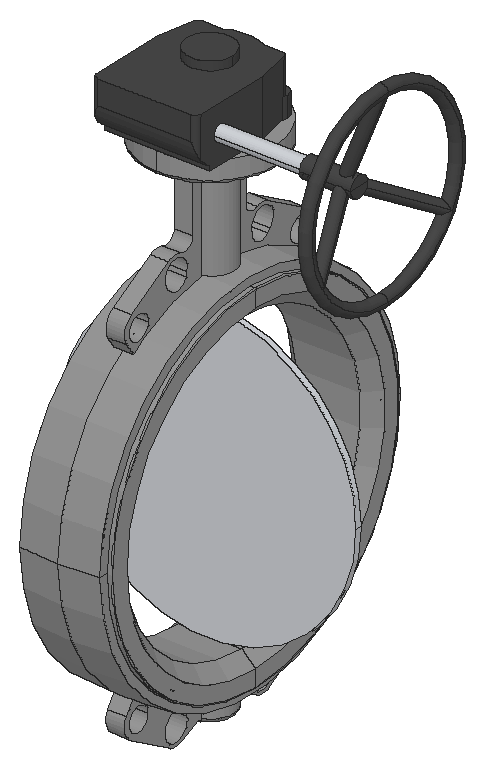
Revit family "Absperr- und Regulierklappe mit Getriebe ZF-4219", category Rohrzubehör, Revit 2019
Family settings
  Bemaßung runder Anschluss = Durchmesser verwenden
  Teiletyp = Unterbricht
  Arbeitsebenenbasiert = Nein
  Immer vertikal = Ja
  Beim Laden mit Abzugskörper schneiden = Nein
  Gemeinsam genutzt = Nein
Parameters
  URL = "www.herz-armaturen.at"
  Spindel = "Edelstahl ASTM-A276 / Type 316"  # constant formula
  Schrauben PN16 [instance] = if(Nennweite = 50 mm, "4x M16x100", if(Nennweite = 65 mm, "4x M16x100", if(Nennweite = 80 mm, "8x M16x100", if(Nennweite = 100 mm, "8x M16x110", if(Nennweite = 125 mm, "8x M16x120", if(Nennweite = 150 mm, "8x M20x120", if(Nennweite = 200 mm, "12x M20x130", if(Nennweite = 250 mm, "12x M24x140", "12x M24x160"))))))))  # "12x M24x160"
  Schrauben PN 6 [instance] = if(Nennweite = 50 mm, "4x M12x100", if(Nennweite = 65 mm, "4x M12x100", if(Nennweite = 80 mm, "4x M16x100", if(Nennweite = 100 mm, "4x M16x100", if(Nennweite = 125 mm, "8x M16x110", if(Nennweite = 150 mm, "8x M16x110", if(Nennweite = 200 mm, "--", if(Nennweite = 250 mm, "12x M16x130", "12xM16x140"))))))))  # "12xM16x140"
  Schrauben PN10 [instance] = if(Nennweite = 50 mm, "4x M16x100", if(Nennweite = 65 mm, "4x M16x100", if(Nennweite = 80 mm, "4x M16x100", if(Nennweite = 100 mm, "4x M16x110", if(Nennweite = 125 mm, "8x M16x120", if(Nennweite = 150 mm, "8x M20x120", if(Nennweite = 200 mm, "8x M20x130", if(Nennweite = 250 mm, "12x M20x130", "12x M20x150"))))))))  # "12x M20x150"
  SCTWSEQ = "FW;SBT_TYP_FW=\"101\";2"
  SCTWCODE = "04;07;02"  # constant formula
  SCRNSEQ = "ARM;ARM_TYP=\"ALLF\";2"
  SCRNCODE = "05;13;02"  # constant formula
  R_Dichtung = 1.5 mm  # constant formula
  PN16 [instance] = or(Nennweite = 50 mm, Nennweite = 65 mm, Nennweite = 80 mm, Nennweite = 100 mm, Nennweite = 125 mm, Nennweite = 150 mm, Nennweite = 200 mm, Nennweite = 250 mm, Nennweite = 300 mm)  # yes
  PN10 [instance] = or(Nennweite = 50 mm, Nennweite = 65 mm, Nennweite = 80 mm, Nennweite = 100 mm, Nennweite = 125 mm, Nennweite = 150 mm, Nennweite = 200 mm, Nennweite = 250 mm, Nennweite = 300 mm)  # yes
  PN 6 [instance] = or(Nennweite = 50 mm, Nennweite = 65 mm, Nennweite = 80 mm, Nennweite = 100 mm, Nennweite = 125 mm, Nennweite = 150 mm, Nennweite = 250 mm, Nennweite = 300 mm)  # yes
  PN [instance] = 16  # constant formula
  O-Ring = "EPDM entsprechend ISO 1691"  # constant formula
  Nennweite [instance] = 300 mm
  Min. Betriebstemperatur = "-20.00 °C bei entsprechender Wasser-Glycolmischung"  # constant formula
  Medium = "Ethylen- und Propyleneglykol kann in einem Mischungsverhältnis zwischen 25 - 50 vol. [%] verwendet werden."
  Max. Betriebstemperatur = 110 °C  # constant formula
  LO1 [instance] = R05 + 10 mm  # 193 mm
  L16 [instance] = L01 - L13  # 299 mm
  L15 [instance] = L01 + L12  # 328 mm
  L14 [instance] = size_lookup("4219_ZF_G", "L_14", 44.4 mm, Nennweite)  # 89.4 mm
  L13 [instance] = size_lookup("4219_ZF_G", "L_13", 15 mm, Nennweite)  # 9 mm
  L12 [instance] = size_lookup("4219_ZF_G", "L_12", 15 mm, Nennweite)  # 20 mm
  L11 [instance] = size_lookup("4219_ZF_G", "L_11", 15 mm, Nennweite)  # 23 mm
  L10 [instance] = size_lookup("4219_ZF_G", "L_10", 16 mm, Nennweite)  # 16 mm
  L09 [instance] = size_lookup("4219_ZF_G", "L9", 29 mm, Nennweite)  # 61 mm
  L08 [instance] = size_lookup("4219_ZF_G", "L8", 43 mm, Nennweite)  # 78 mm
  L07 [instance] = size_lookup("4219_ZF_G", "L7", 3.5 mm, Nennweite)  # 4.5 mm
  L06 [instance] = size_lookup("4219_ZF_G", "L6", 18 mm, Nennweite)  # 44 mm
  L05 [instance] = size_lookup("4219_ZF_G", "L5", 35 mm, Nennweite)  # 67 mm
  L04 [instance] = size_lookup("4219_ZF_G", "L4", 35 mm, Nennweite)  # 17.5 mm
  L03 [instance] = size_lookup("4219_ZF_G", "L3", 35 mm, Nennweite)  # 207.5 mm
  L02 [instance] = size_lookup("4219_ZF_G", "L2", 35 mm, Nennweite)  # 122 mm
  L01 [instance] = size_lookup("4219_ZF_G", "L1", 35 mm, Nennweite)  # 308 mm
  Klappenscheibe = "Edelstahl 1.4408"  # constant formula
  Hersteller = "HERZ Armaturen Ges.m.b.H."  # constant formula
  Hebel DN 50-DN150 = "Stahl, ST14.03"  # constant formula
  Hebel DN200-300 = "Stahl, S235 DIN2458/1626"  # constant formula
  H [instance] = size_lookup("4219_ZF_G", "H1", 9 mm, Nennweite)  # 22 mm
  Gewicht in kg [instance] = size_lookup("4219_ZF_G", "M", 37.6, Nennweite)  # 37.6
  Gewicht [instance] = 0.00 kg
  Gehäuseauskleidung = "EPDM entsprechend ISO 1691"  # constant formula
  Gehäuse = "GG, GJL-250/JL1040, entsprechend EN1561"  # constant formula
  Einbaudatum [instance] = ""
  Drehmoment in Nm [instance] = size_lookup("4219_ZF_G", "NM", 350, Nennweite)  # 350
  DN300 [instance] = Nennweite = 300 mm  # yes
  DN250 [instance] = Nennweite = 250 mm  # no
  DN200 [instance] = Nennweite = 200 mm  # no
  DN150 [instance] = Nennweite = 150 mm  # no
  DN125 [instance] = Nennweite = 125 mm  # no
  DN100 [instance] = Nennweite = 100 mm  # no
  DN 80 [instance] = Nennweite = 80 mm  # no
  DN 65 [instance] = Nennweite = 65 mm  # no
  DN 50 [instance] = Nennweite = 50 mm  # no
  Chargennummer [instance] = ""
  BD [instance] = size_lookup("4219_ZF_G", "DB", 24 mm, Nennweite)  # 290 mm
  D09 [instance] = size_lookup("4219_ZF_G", "D9", 24 mm, Nennweite)  # 145 mm
  D08 [instance] = size_lookup("4219_ZF_G", "D8", 47 mm, Nennweite)  # 18 mm
  D07 [instance] = size_lookup("4219_ZF_G", "D7", 47 mm, Nennweite)  # 37.5 mm
  D06 [instance] = size_lookup("4219_ZF_G", "D6", 47 mm, Nennweite)  # 65 mm
  R05 [instance] = size_lookup("4219_ZF_G", "D5", 47 mm, Nennweite)  # 183 mm
  D05 [instance] = R05 * 2  # 366 mm
  D04 [instance] = size_lookup("4219_ZF_G", "D4", 41 mm, Nennweite)  # 175 mm
  D03 [instance] = size_lookup("4219_ZF_G", "D3", 35.5 mm, Nennweite)  # 167.5 mm
  R01 [instance] = size_lookup("4219_ZF_G", "D1", 28 mm, Nennweite)  # 154.5 mm
  R02 [instance] = size_lookup("4219_ZF_G", "D2", 30 mm, Nennweite)  # 156.5 mm
  Bestellnummer [instance] = size_lookup("4219_ZF_G", "Artnr", 1421901, Nennweite)  # 1421969
  Anwendungsgebiet = "Geeignet für Flüssigkeiten in der Haustechnik, Kaltwasser, Heißwasser, etc."
  Anschlussflansch = "entsprechend EN1092-2"  # constant formula
Reference planes
  plane 1 "Mitte (Vorne/hinten)": y = 0
  plane 2: z = 0
  plane 3 "Mitte (Links/rechts)": x = 0
Forms (mm)
  Revolve 1, solid, material "Herz-Metall-blau", detail levels fine
    sketch origin (0, 0, 0) x (1, 0, 0) y (0, 1, 0)
      loop
        line (0, 185.241) -> (-39, 183) -> (-39, 175) -> (-30.5, 175) -> (-30.5, 167.5) -> (-32, 167.5)
        arc (-32, 167.5) -> (-33.061, 167.061) -> (-33.5, 166) r 1.5
        line (-33.5, 166) -> (-33.5, 156.824)
        arc (-33.5, 156.824) -> (-33.229, 155.964) -> (-32.513, 155.415) r 1.5
        line (-32.513, 155.415) -> (-29, 154.5) -> (-22, 154.5) -> (-22, 156.5) -> (22, 156.5) -> (22, 154.5) -> (29, 154.5) -> (32.513, 155.415)
        arc (32.513, 155.415) -> (33.229, 155.964) -> (33.5, 156.824) r 1.5
        line (33.5, 156.824) -> (33.5, 166)
        arc (33.5, 166) -> (33.061, 167.061) -> (32, 167.5) r 1.5
        line (32, 167.5) -> (30.5, 167.5) -> (30.5, 175) -> (39, 175) -> (39, 183) -> (0, 185.241)
      axis (39, 0) -> (-39, 0)
    angle from 0 to 360
  Extrusion 2, solid, material "Herz-Metall-blau", visible <- "DN 50", detail levels fine
    sketch origin (0, 0, 0) x (0, 1, 0) y (0, 0, 1)
      loop
        line (20, 54.051) -> (20.008, 111.113) -> (16.897, 110.952)
        arc (16.897, 110.952) -> (15.55, 110.331) -> (15, 108.954) r 2
        line (15, 108.954) -> (15, 44.542)
        arc (15, 44.542) -> (31.465, 34.913) -> (42.748, 19.534) r 47
        arc (42.748, 19.534) -> (42.633, 20.873) -> (43.392, 21.983) r 2
        line (43.392, 21.983) -> (54.714, 30.209)
        arc (54.714, 30.209) -> (56.569, 56.569) -> (30.209, 54.714) r 17.5
        line (30.209, 54.714) -> (27.87, 51.494)
        arc (27.87, 51.494) -> (23.006, 49.914) -> (20, 54.051) r 4.35
      loop
        arc (32.065, 41.998) -> (33.588, 33.588) -> (41.998, 32.065) r 7.5
        line (41.998, 32.065) -> (48.502, 35.17)
        arc (48.502, 35.17) -> (51.265, 51.265) -> (35.17, 48.502) r 10
        line (35.17, 48.502) -> (32.065, 41.998)
      loop
        arc (-20, 54.051) -> (-23.006, 49.914) -> (-27.87, 51.494) r 4.35
        line (-27.87, 51.494) -> (-30.209, 54.714)
        arc (-30.209, 54.714) -> (-56.569, 56.569) -> (-54.714, 30.209) r 17.5
        line (-54.714, 30.209) -> (-43.392, 21.983)
        arc (-43.392, 21.983) -> (-42.633, 20.873) -> (-42.748, 19.534) r 2
        arc (-42.748, 19.534) -> (-31.465, 34.913) -> (-15, 44.542) r 47
        line (-15, 44.542) -> (-15, 108.954)
        arc (-15, 108.954) -> (-15.55, 110.331) -> (-16.897, 110.952) r 2
        line (-16.897, 110.952) -> (-20.008, 111.113) -> (-20, 54.051)
      loop
        line (-32.065, 41.998) -> (-35.17, 48.502)
        arc (-35.17, 48.502) -> (-51.265, 51.265) -> (-48.502, 35.17) r 10
        line (-48.502, 35.17) -> (-41.998, 32.065)
        arc (-41.998, 32.065) -> (-33.588, 33.588) -> (-32.065, 41.998) r 7.5
      loop
        line (32.065, -41.998) -> (35.17, -48.502)
        arc (35.17, -48.502) -> (51.265, -51.265) -> (48.502, -35.17) r 10
        line (48.502, -35.17) -> (41.998, -32.065)
        arc (41.998, -32.065) -> (33.588, -33.588) -> (32.065, -41.998) r 7.5
      loop
        line (54.714, -30.209) -> (43.392, -21.983)
        arc (43.392, -21.983) -> (42.633, -20.873) -> (42.748, -19.534) r 2
        arc (42.748, -19.534) -> (33.234, -33.234) -> (19.534, -42.748) r 47
        arc (19.534, -42.748) -> (20.873, -42.633) -> (21.983, -43.392) r 2
        line (21.983, -43.392) -> (30.209, -54.714)
        arc (30.209, -54.714) -> (56.569, -56.569) -> (54.714, -30.209) r 17.5
      loop
        arc (-32.065, -41.998) -> (-33.588, -33.588) -> (-41.998, -32.065) r 7.5
        line (-41.998, -32.065) -> (-48.502, -35.17)
        arc (-48.502, -35.17) -> (-51.265, -51.265) -> (-35.17, -48.502) r 10
        line (-35.17, -48.502) -> (-32.065, -41.998)
      loop
        arc (-54.714, -30.209) -> (-56.569, -56.569) -> (-30.209, -54.714) r 17.5
        line (-30.209, -54.714) -> (-21.983, -43.392)
        arc (-21.983, -43.392) -> (-20.873, -42.633) -> (-19.534, -42.748) r 2
        arc (-19.534, -42.748) -> (-33.234, -33.234) -> (-42.748, -19.534) r 47
        arc (-42.748, -19.534) -> (-42.633, -20.873) -> (-43.392, -21.983) r 2
        line (-43.392, -21.983) -> (-54.714, -30.209)
    from -4.5 to 4.5
  Extrusion 3, solid, material "Herz-Metall-blau", visible <- "DN 65", detail levels fine
    sketch origin (0, 0, 0) x (0, 1, 0) y (0, 0, 1)
      loop
        arc (51.659, 21.619) -> (51.541, 22.778) -> (52.089, 23.805) r 2
        line (52.089, 23.805) -> (65.407, 37.123)
        arc (65.407, 37.123) -> (65.407, 65.407) -> (37.123, 65.407) r 20
        line (37.123, 65.407) -> (29.414, 57.699)
        arc (29.414, 57.699) -> (27.235, 57.265) -> (26, 59.113) r 2
        line (26, 59.113) -> (26, 136.154) -> (19.897, 135.838)
        arc (19.897, 135.838) -> (18.55, 135.218) -> (18, 133.841) r 2
        line (18, 133.841) -> (18, 53.028)
        arc (18, 53.028) -> (38.206, 40.942) -> (51.659, 21.619) r 56
      loop
        arc (55.637, 42.831) -> (57.983, 57.983) -> (42.831, 55.637) r 9.5
        line (42.831, 55.637) -> (39.647, 48.983)
        arc (39.647, 48.983) -> (41.012, 41.012) -> (48.983, 39.647) r 7
        line (48.983, 39.647) -> (55.637, 42.831)
      loop
        arc (51.659, -21.619) -> (39.598, -39.598) -> (21.619, -51.659) r 56
        arc (21.619, -51.659) -> (22.778, -51.541) -> (23.805, -52.089) r 2
        line (23.805, -52.089) -> (37.123, -65.407)
        arc (37.123, -65.407) -> (65.407, -65.407) -> (65.407, -37.123) r 20
        line (65.407, -37.123) -> (52.089, -23.805)
        arc (52.089, -23.805) -> (51.541, -22.778) -> (51.659, -21.619) r 2
      loop
        line (55.637, -42.831) -> (48.983, -39.647)
        arc (48.983, -39.647) -> (41.012, -41.012) -> (39.647, -48.983) r 7
        line (39.647, -48.983) -> (42.831, -55.637)
        arc (42.831, -55.637) -> (57.983, -57.983) -> (55.637, -42.831) r 9.5
      loop
        arc (-51.659, -21.619) -> (-51.541, -22.778) -> (-52.089, -23.805) r 2
        line (-52.089, -23.805) -> (-65.407, -37.123)
        arc (-65.407, -37.123) -> (-65.407, -65.407) -> (-37.123, -65.407) r 20
        line (-37.123, -65.407) -> (-23.805, -52.089)
        arc (-23.805, -52.089) -> (-22.778, -51.541) -> (-21.619, -51.659) r 2
        arc (-21.619, -51.659) -> (-39.598, -39.598) -> (-51.659, -21.619) r 56
      loop
        arc (-55.637, -42.831) -> (-57.983, -57.983) -> (-42.831, -55.637) r 9.5
        line (-42.831, -55.637) -> (-39.647, -48.983)
        arc (-39.647, -48.983) -> (-41.012, -41.012) -> (-48.983, -39.647) r 7
        line (-48.983, -39.647) -> (-55.637, -42.831)
      loop
        arc (-51.659, 21.619) -> (-38.206, 40.942) -> (-18, 53.028) r 56
        line (-18, 53.028) -> (-18, 133.838)
        arc (-18, 133.838) -> (-18.55, 135.215) -> (-19.897, 135.835) r 2
        line (-19.897, 135.835) -> (-26, 136.151) -> (-26, 59.113)
        arc (-26, 59.113) -> (-27.235, 57.265) -> (-29.414, 57.699) r 2
        line (-29.414, 57.699) -> (-37.123, 65.407)
        arc (-37.123, 65.407) -> (-65.407, 65.407) -> (-65.407, 37.123) r 20
        line (-65.407, 37.123) -> (-52.089, 23.805)
        arc (-52.089, 23.805) -> (-51.541, 22.778) -> (-51.659, 21.619) r 2
      loop
        line (-55.637, 42.831) -> (-48.983, 39.647)
        arc (-48.983, 39.647) -> (-41.012, 41.012) -> (-39.647, 48.983) r 7
        line (-39.647, 48.983) -> (-42.831, 55.637)
        arc (-42.831, 55.637) -> (-57.983, 57.983) -> (-55.637, 42.831) r 9.5
    from -4.5 to 4.5
  Extrusion 4, solid, material "Herz-Metall-blau", visible <- "DN 80", detail levels fine
    sketch origin (0, 0, 0) x (0, 1, 0) y (0, 0, 1)
      loop
        line (26, 143.161) -> (20.397, 142.871)
        arc (20.397, 142.871) -> (19.05, 142.251) -> (18.5, 140.874) r 2
        line (18.5, 140.874) -> (18.5, 62.833)
        arc (18.5, 62.833) -> (41.296, 50.842) -> (57.706, 30.989) r 65.5
        arc (57.706, 30.989) -> (57.482, 32.176) -> (57.983, 33.275) r 2
        line (57.983, 33.275) -> (67.23, 43.52)
        arc (67.23, 43.52) -> (70.328, 54.798) -> (65.407, 65.407) r 17
        line (65.407, 65.407) -> (42.005, 86.53)
        arc (42.005, 86.53) -> (37.832, 89.302) -> (33.031, 90.738) r 17
        arc (33.031, 90.738) -> (27.974, 93.895) -> (26, 99.52) r 9
        line (26, 99.52) -> (26, 143.161)
      loop
        circle (30.615, 73.91) r 9.5
      loop
        circle (53.387, 53.387) r 9.5
      loop
        arc (57.706, -30.989) -> (41.296, -50.842) -> (18.5, -62.833) r 65.5
        line (18.5, -62.833) -> (18.5, -85.837)
        arc (18.5, -85.837) -> (30.113, -90.903) -> (42.005, -86.53) r 17
        line (42.005, -86.53) -> (65.407, -65.407)
        arc (65.407, -65.407) -> (70.328, -54.798) -> (67.23, -43.52) r 17
        line (67.23, -43.52) -> (57.983, -33.275)
        arc (57.983, -33.275) -> (57.482, -32.176) -> (57.706, -30.989) r 2
      loop
        circle (30.615, -73.91) r 9.5
      loop
        circle (53.387, -53.387) r 9.5
      loop
        arc (-57.706, -30.989) -> (-57.482, -32.176) -> (-57.983, -33.275) r 2
        line (-57.983, -33.275) -> (-67.23, -43.52)
        arc (-67.23, -43.52) -> (-70.328, -54.798) -> (-65.407, -65.407) r 17
        line (-65.407, -65.407) -> (-42.005, -86.53)
        arc (-42.005, -86.53) -> (-30.113, -90.903) -> (-18.5, -85.837) r 17
        line (-18.5, -85.837) -> (-18.5, -62.833)
        arc (-18.5, -62.833) -> (-41.296, -50.842) -> (-57.706, -30.989) r 65.5
      loop
        circle (-30.615, -73.91) r 9.5
      loop
        circle (-53.387, -53.387) r 9.5
      loop
        line (-26, 143.179) -> (-26, 99.52)
        arc (-26, 99.52) -> (-27.974, 93.895) -> (-33.031, 90.738) r 9
        arc (-33.031, 90.738) -> (-37.832, 89.302) -> (-42.005, 86.53) r 17
        line (-42.005, 86.53) -> (-65.407, 65.407)
        arc (-65.407, 65.407) -> (-70.328, 54.798) -> (-67.23, 43.52) r 17
        line (-67.23, 43.52) -> (-57.983, 33.275)
        arc (-57.983, 33.275) -> (-57.482, 32.176) -> (-57.706, 30.989) r 2
        arc (-57.706, 30.989) -> (-41.296, 50.842) -> (-18.5, 62.833) r 65.5
        line (-18.5, 62.833) -> (-18.5, 140.891)
        arc (-18.5, 140.891) -> (-19.05, 142.268) -> (-20.397, 142.888) r 2
        line (-20.397, 142.888) -> (-26, 143.179)
      loop
        circle (-30.615, 73.91) r 9.5
      loop
        circle (-53.387, 53.387) r 9.5
    from -4.5 to 4.5
  Extrusion 5, solid, material "Herz-Metall-blau", visible <- "DN100", detail levels fine
    sketch origin (0, 0, 0) x (0, 1, 0) y (0, 0, 1)
      loop
        line (64.131, 38.887) -> (73.681, 49.873)
        arc (73.681, 49.873) -> (77.063, 61.29) -> (72.125, 72.125) r 17
        line (72.125, 72.125) -> (45.809, 95.79)
        arc (45.809, 95.79) -> (41.366, 98.675) -> (36.25, 100.053) r 17
        arc (36.25, 100.053) -> (28.882, 104.596) -> (26, 112.759) r 13
        line (26, 112.759) -> (26, 166.173) -> (20.397, 165.883)
        arc (20.397, 165.883) -> (19.05, 165.263) -> (18.5, 163.886) r 2
        line (18.5, 163.886) -> (18.5, 72.683)
        arc (18.5, 72.683) -> (44.637, 60.27) -> (64.131, 38.887) r 75
      loop
        circle (60.104, 60.104) r 9.5
      loop
        circle (34.442, 83.149) r 9.5
      loop
        arc (64.131, -38.887) -> (44.637, -60.27) -> (18.5, -72.683) r 75
        line (18.5, -72.683) -> (18.5, -95.329)
        arc (18.5, -95.329) -> (21.473, -95.603) -> (24.233, -96.743) r 10
        arc (24.233, -96.743) -> (35.191, -100.133) -> (45.809, -95.79) r 17
        line (45.809, -95.79) -> (72.125, -72.125)
        arc (72.125, -72.125) -> (77.063, -61.29) -> (73.681, -49.873) r 17
        line (73.681, -49.873) -> (64.131, -38.887)
      loop
        circle (60.104, -60.104) r 9.5
      loop
        circle (34.442, -83.149) r 9.5
      loop
        line (-64.131, -38.887) -> (-73.681, -49.873)
        arc (-73.681, -49.873) -> (-77.063, -61.29) -> (-72.125, -72.125) r 17
        line (-72.125, -72.125) -> (-45.809, -95.79)
        arc (-45.809, -95.79) -> (-35.191, -100.133) -> (-24.233, -96.743) r 17
        arc (-24.233, -96.743) -> (-21.473, -95.603) -> (-18.5, -95.329) r 10
        line (-18.5, -95.329) -> (-18.5, -72.683)
        arc (-18.5, -72.683) -> (-44.637, -60.27) -> (-64.131, -38.887) r 75
      loop
        circle (-60.104, -60.104) r 9.5
      loop
        circle (-34.442, -83.149) r 9.5
      loop
        arc (-64.131, 38.887) -> (-44.637, 60.27) -> (-18.5, 72.683) r 75
        line (-18.5, 72.683) -> (-18.5, 163.876)
        arc (-18.5, 163.876) -> (-19.05, 165.253) -> (-20.397, 165.873) r 2
        line (-20.397, 165.873) -> (-26, 166.164) -> (-26, 112.759)
        arc (-26, 112.759) -> (-28.882, 104.596) -> (-36.25, 100.053) r 13
        arc (-36.25, 100.053) -> (-41.366, 98.675) -> (-45.809, 95.79) r 17
        line (-45.809, 95.79) -> (-72.125, 72.125)
        arc (-72.125, 72.125) -> (-77.063, 61.29) -> (-73.681, 49.873) r 17
        line (-73.681, 49.873) -> (-64.131, 38.887)
      loop
        circle (-60.104, 60.104) r 9.5
      loop
        circle (-34.442, 83.149) r 9.5
    from -4.5 to 4.5
  Extrusion 6, solid, material "Herz-Metall-blau", visible <- "DN125", detail levels fine
    sketch origin (0, 0, 0) x (0, 1, 0) y (0, 0, 1)
      loop
        arc (75.229, 48.945) -> (74.917, 50.244) -> (75.492, 51.45) r 2
        line (75.492, 51.45) -> (82.731, 58.69)
        arc (82.731, 58.69) -> (87.711, 70.711) -> (82.731, 82.731) r 17
        line (82.731, 82.731) -> (51.291, 109.875)
        arc (51.291, 109.875) -> (46.108, 112.941) -> (40.182, 114.007) r 17
        line (40.182, 114.007) -> (38, 114.007)
        arc (38, 114.007) -> (29.515, 117.522) -> (26, 126.007) r 12
        line (26, 126.007) -> (26, 185.157) -> (20.397, 184.867)
        arc (20.397, 184.867) -> (19.05, 184.246) -> (18.5, 182.869) r 2
        line (18.5, 182.869) -> (18.5, 87.823)
        arc (18.5, 87.823) -> (50.736, 74.033) -> (75.229, 48.945) r 89.75
      loop
        circle (40.182, 97.007) r 9.5
      loop
        circle (70.711, 70.711) r 9.5
      loop
        arc (75.229, -48.945) -> (50.736, -74.033) -> (18.5, -87.823) r 89.75
        line (18.5, -87.823) -> (18.5, -108.431)
        arc (18.5, -108.431) -> (24.248, -107.655) -> (29.46, -110.2) r 10
        arc (29.46, -110.2) -> (40.434, -114.005) -> (51.291, -109.875) r 17
        line (51.291, -109.875) -> (82.731, -82.731)
        arc (82.731, -82.731) -> (87.711, -70.711) -> (82.731, -58.69) r 17
        line (82.731, -58.69) -> (75.492, -51.45)
        arc (75.492, -51.45) -> (74.917, -50.244) -> (75.229, -48.945) r 2
      loop
        circle (40.182, -97.007) r 9.5
      loop
        circle (70.711, -70.711) r 9.5
      loop
        arc (-75.229, -48.945) -> (-74.917, -50.244) -> (-75.492, -51.45) r 2
        line (-75.492, -51.45) -> (-82.731, -58.69)
        arc (-82.731, -58.69) -> (-87.711, -70.711) -> (-82.731, -82.731) r 17
        line (-82.731, -82.731) -> (-51.291, -109.875)
        arc (-51.291, -109.875) -> (-40.434, -114.005) -> (-29.46, -110.2) r 17
        arc (-29.46, -110.2) -> (-24.248, -107.655) -> (-18.5, -108.431) r 10
        line (-18.5, -108.431) -> (-18.5, -87.823)
        arc (-18.5, -87.823) -> (-50.736, -74.033) -> (-75.229, -48.945) r 89.75
      loop
        circle (-40.182, -97.007) r 9.5
      loop
        circle (-70.711, -70.711) r 9.5
      loop
        arc (-75.229, 48.945) -> (-50.736, 74.033) -> (-18.5, 87.823) r 89.75
        line (-18.5, 87.823) -> (-18.5, 182.852)
        arc (-18.5, 182.852) -> (-19.05, 184.23) -> (-20.397, 184.85) r 2
        line (-20.397, 184.85) -> (-26, 185.14) -> (-26, 126.007)
        arc (-26, 126.007) -> (-29.515, 117.522) -> (-38, 114.007) r 12
        line (-38, 114.007) -> (-40.182, 114.007)
        arc (-40.182, 114.007) -> (-46.108, 112.941) -> (-51.291, 109.875) r 17
        line (-51.291, 109.875) -> (-82.731, 82.731)
        arc (-82.731, 82.731) -> (-87.711, 70.711) -> (-82.731, 58.69) r 17
        line (-82.731, 58.69) -> (-75.492, 51.45)
        arc (-75.492, 51.45) -> (-74.917, 50.244) -> (-75.229, 48.945) r 2
      loop
        circle (-40.182, 97.007) r 9.5
      loop
        circle (-70.711, 70.711) r 9.5
    from -6 to 6
  Extrusion 7, solid, material "Herz-Metall-blau", visible <- "DN150", detail levels fine
    sketch origin (0, 0, 0) x (0, 1, 0) y (0, 0, 1)
      loop
        line (83.495, 59.454) -> (91.57, 67.529)
        arc (91.57, 67.529) -> (96.55, 79.55) -> (91.57, 91.57) r 17
        line (91.57, 91.57) -> (57.511, 123.304)
        arc (57.511, 123.304) -> (45.758, 127.865) -> (34.095, 123.077) r 17
        arc (34.095, 123.077) -> (28.976, 122.416) -> (26, 126.633) r 5
        line (26, 126.633) -> (26, 198.177) -> (20.397, 197.887)
        arc (20.397, 197.887) -> (19.05, 197.267) -> (18.5, 195.889) r 2
        line (18.5, 195.889) -> (18.5, 100.817)
        arc (18.5, 100.817) -> (55.032, 86.474) -> (83.495, 59.454) r 102.5
      loop
        circle (45.922, 110.866) r 11.5
      loop
        circle (79.55, 79.55) r 9.5
      loop
        circle (45.922, -110.866) r 11.5
      loop
        circle (79.55, -79.55) r 9.5
      loop
        line (91.57, -67.529) -> (83.495, -59.454)
        arc (83.495, -59.454) -> (55.032, -86.474) -> (18.5, -100.817) r 102.5
        line (18.5, -100.817) -> (18.5, -123.208)
        arc (18.5, -123.208) -> (19.363, -121.755) -> (21.03, -121.482) r 2
        line (21.03, -121.482) -> (42.642, -127.546)
        arc (42.642, -127.546) -> (50.587, -127.213) -> (57.511, -123.304) r 17
        line (57.511, -123.304) -> (91.57, -91.57)
        arc (91.57, -91.57) -> (96.55, -79.55) -> (91.57, -67.529) r 17
      loop
        arc (-83.495, 59.454) -> (-55.032, 86.474) -> (-18.5, 100.817) r 102.5
        line (-18.5, 100.817) -> (-18.5, 195.875)
        arc (-18.5, 195.875) -> (-19.05, 197.252) -> (-20.397, 197.872) r 2
        line (-20.397, 197.872) -> (-26, 198.163) -> (-26, 126.633)
        arc (-26, 126.633) -> (-28.976, 122.416) -> (-34.095, 123.077) r 5
        arc (-34.095, 123.077) -> (-45.758, 127.865) -> (-57.511, 123.304) r 17
        line (-57.511, 123.304) -> (-91.57, 91.57)
        arc (-91.57, 91.57) -> (-96.55, 79.55) -> (-91.57, 67.529) r 17
        line (-91.57, 67.529) -> (-83.495, 59.454)
      loop
        circle (-45.922, 110.866) r 11.5
      loop
        circle (-79.55, 79.55) r 9.5
      loop
        circle (-45.922, -110.866) r 11.5
      loop
        circle (-79.55, -79.55) r 9.5
      loop
        arc (-91.57, -67.529) -> (-96.55, -79.55) -> (-91.57, -91.57) r 17
        line (-91.57, -91.57) -> (-57.511, -123.304)
        arc (-57.511, -123.304) -> (-50.587, -127.213) -> (-42.642, -127.546) r 17
        line (-42.642, -127.546) -> (-21.03, -121.482)
        arc (-21.03, -121.482) -> (-19.363, -121.755) -> (-18.5, -123.208) r 2
        line (-18.5, -123.208) -> (-18.5, -100.817)
        arc (-18.5, -100.817) -> (-55.032, -86.474) -> (-83.495, -59.454) r 102.5
        line (-83.495, -59.454) -> (-91.57, -67.529)
    from -7 to 7
  Extrusion 8, solid, material "Herz-Metall-blau", visible <- "DN200", detail levels fine
    sketch origin (0, 0, 0) x (0, 1, 0) y (0, 0, 1)
      loop
        arc (42.048, 153.832) -> (26.654, 145.827) -> (35.349, 130.812) r 12
        line (35.349, 130.812) -> (53.31, 124.689)
        arc (53.31, 124.689) -> (67.804, 132.4) -> (61.038, 147.359) r 12
        line (61.038, 147.359) -> (42.048, 153.832)
      loop
        line (28, 226.273) -> (22.065, 226.047)
        arc (22.065, 226.047) -> (20.655, 225.469) -> (20, 224.092) r 2.114
        line (20, 224.092) -> (20, 129.471)
        arc (20, 129.471) -> (49.604, 121.273) -> (76.485, 106.406) r 130.989
        line (76.485, 106.406) -> (76.485, 136.265)
        arc (76.485, 136.265) -> (73.108, 147.391) -> (64.117, 154.764) r 20.019
        line (64.117, 154.764) -> (38.16, 163.592)
        arc (38.16, 163.592) -> (30.802, 169.06) -> (28, 177.79) r 15
        line (28, 177.79) -> (28, 226.273)
      loop
        line (42.048, -153.832) -> (61.038, -147.359)
        arc (61.038, -147.359) -> (67.804, -132.4) -> (53.31, -124.689) r 12
        line (53.31, -124.689) -> (35.349, -130.812)
        arc (35.349, -130.812) -> (26.654, -145.827) -> (42.048, -153.832) r 12
      loop
        arc (76.446, -106.382) -> (49.585, -121.253) -> (20, -129.464) r 131
        line (20, -129.464) -> (20, -141.835)
        arc (20, -141.835) -> (28.361, -158.099) -> (46.453, -160.765) r 20
        line (46.453, -160.765) -> (64.099, -154.75)
        arc (64.099, -154.75) -> (73.075, -147.384) -> (76.446, -136.272) r 20
        line (76.446, -136.272) -> (76.446, -106.382)
      loop
        arc (-42.048, -153.832) -> (-26.654, -145.827) -> (-35.349, -130.812) r 12
        line (-35.349, -130.812) -> (-53.31, -124.689)
        arc (-53.31, -124.689) -> (-67.804, -132.4) -> (-61.038, -147.359) r 12
        line (-61.038, -147.359) -> (-42.048, -153.832)
      loop
        line (-76.446, -106.382) -> (-76.446, -136.272)
        arc (-76.446, -136.272) -> (-73.075, -147.384) -> (-64.099, -154.75) r 20
        line (-64.099, -154.75) -> (-46.453, -160.765)
        arc (-46.453, -160.765) -> (-28.361, -158.099) -> (-20, -141.835) r 20
        line (-20, -141.835) -> (-20, -129.464)
        arc (-20, -129.464) -> (-49.585, -121.253) -> (-76.446, -106.382) r 131
      loop
        line (-42.048, 153.832) -> (-61.038, 147.359)
        arc (-61.038, 147.359) -> (-67.804, 132.4) -> (-53.31, 124.689) r 12
        line (-53.31, 124.689) -> (-35.349, 130.812)
        arc (-35.349, 130.812) -> (-26.654, 145.827) -> (-42.048, 153.832) r 12
      loop
        line (-28, 226.278) -> (-28, 177.79)
        arc (-28, 177.79) -> (-30.802, 169.06) -> (-38.16, 163.592) r 15
        line (-38.16, 163.592) -> (-64.117, 154.764)
        arc (-64.117, 154.764) -> (-73.108, 147.391) -> (-76.485, 136.265) r 20.019
        line (-76.485, 136.265) -> (-76.485, 106.406)
        arc (-76.485, 106.406) -> (-49.604, 121.273) -> (-20, 129.471) r 130.989
        line (-20, 129.471) -> (-20, 224.098)
        arc (-20, 224.098) -> (-20.655, 225.475) -> (-22.065, 226.053) r 2.114
        line (-22.065, 226.053) -> (-28, 226.278)
    from -7 to 7
  Extrusion 9, solid, material "Herz-Metall-blau", visible <- "DN250", detail levels fine
    sketch origin (0, 0, 0) x (0, 1, 0) y (0, 0, 1)
      loop
        arc (-95.9, 125.382) -> (-61.406, 145.382) -> (-23, 156.095) r 157.75
        line (-23, 156.095) -> (-23, 258.814)
        arc (-23, 258.814) -> (-23.588, 260.113) -> (-24.893, 260.69) r 2
        line (-24.893, 260.69) -> (-32, 261.058) -> (-32, 187.712)
        arc (-32, 187.712) -> (-33.507, 185.205) -> (-36.428, 185.359) r 2.84
        arc (-36.428, 185.359) -> (-43.951, 188.152) -> (-51.918, 187.184) r 17
        line (-51.918, 187.184) -> (-97.072, 155.872)
        arc (-97.072, 155.872) -> (-100.207, 149.167) -> (-100.195, 141.765) r 17
        line (-100.195, 141.765) -> (-95.9, 125.382)
      loop
        circle (-83.608, 145.492) r 9.5
      loop
        circle (-45.549, 171.269) r 14
      loop
        arc (96.192, -125.349) -> (61.575, -145.51) -> (23, -156.317) r 157.999
        line (23, -156.317) -> (23, -181.388) -> (27.217, -181.388)
        arc (27.217, -181.388) -> (30.142, -181.826) -> (32.812, -183.1) r 10
        line (32.812, -183.1) -> (36.428, -185.542)
        arc (36.428, -185.542) -> (44.468, -188.388) -> (52.878, -186.972) r 17
        line (52.878, -186.972) -> (97.463, -155.872)
        arc (97.463, -155.872) -> (100.598, -149.167) -> (100.586, -141.765) r 17
        line (100.586, -141.765) -> (96.192, -125.349)
      loop
        circle (84, -145.492) r 9.5
      loop
        circle (45.94, -171.452) r 14
      loop
        line (-96.192, -125.349) -> (-100.586, -141.765)
        arc (-100.586, -141.765) -> (-100.598, -149.167) -> (-97.463, -155.872) r 17
        line (-97.463, -155.872) -> (-52.878, -186.972)
        arc (-52.878, -186.972) -> (-44.468, -188.388) -> (-36.428, -185.542) r 17
        line (-36.428, -185.542) -> (-32.812, -183.1)
        arc (-32.812, -183.1) -> (-30.142, -181.826) -> (-27.217, -181.388) r 10
        line (-27.217, -181.388) -> (-23, -181.388) -> (-23, -156.317)
        arc (-23, -156.317) -> (-61.575, -145.51) -> (-96.192, -125.349) r 157.999
      loop
        circle (-84, -145.492) r 9.5
      loop
        circle (-45.94, -171.452) r 14
      loop
        line (95.9, 125.2) -> (100.195, 141.582)
        arc (100.195, 141.582) -> (100.207, 148.984) -> (97.072, 155.689) r 17
        line (97.072, 155.689) -> (51.919, 187.036)
        arc (51.919, 187.036) -> (43.952, 188.006) -> (36.428, 185.212) r 17
        arc (36.428, 185.212) -> (33.507, 185.058) -> (32, 187.566) r 2.84
        line (32, 187.566) -> (32, 261.045) -> (24.893, 260.677)
        arc (24.893, 260.677) -> (23.588, 260.1) -> (23, 258.801) r 2
        line (23, 258.801) -> (23, 155.948)
        arc (23, 155.948) -> (61.411, 145.223) -> (95.9, 125.2) r 157.605
      loop
        circle (83.608, 145.31) r 9.5
      loop
        circle (45.549, 171.122) r 14
    from -9 to 9
  Extrusion 10, solid, material "Herz-Metall-blau", visible <- "DN300", detail levels fine
    sketch origin (0, 0, 0) x (0, 1, 0) y (0, 0, 1)
      loop
        arc (62.57, 187.834) -> (56.268, 211.23) -> (39.112, 194.12) r 14
        line (39.112, 194.12) -> (40.223, 189.928)
        arc (40.223, 189.928) -> (48.374, 181.769) -> (59.504, 184.767) r 11.5
        line (59.504, 184.767) -> (62.57, 187.834)
      loop
        circle (98.337, 170.892) r 12
      loop
        arc (113.094, 162.454) -> (114.748, 175.326) -> (106.837, 185.615) r 17
        line (106.837, 185.615) -> (61.701, 211.919)
        arc (61.701, 211.919) -> (54.44, 214.463) -> (46.806, 213.516) r 16.852
        arc (46.806, 213.516) -> (36.904, 213.681) -> (32, 222.285) r 10
        line (32, 222.285) -> (32, 286.38) -> (24.895, 286.033)
        arc (24.895, 286.033) -> (23.576, 285.442) -> (23, 284.117) r 2
        line (23, 284.117) -> (23, 181.202)
        arc (23, 181.202) -> (65.613, 170.505) -> (104.437, 149.94) r 182.63
        line (104.437, 149.94) -> (113.094, 162.454)
      loop
        line (62.984, -188.142) -> (59.917, -185.075)
        arc (59.917, -185.075) -> (48.787, -182.077) -> (40.637, -190.235) r 11.5
        line (40.637, -190.235) -> (39.525, -194.427)
        arc (39.525, -194.427) -> (56.681, -211.538) -> (62.984, -188.142) r 14
      loop
        circle (98.75, -171.04) r 12
      loop
        line (113.508, -162.601) -> (104.75, -150.055)
        arc (104.75, -150.055) -> (65.787, -170.766) -> (23, -181.549) r 183
        line (23, -181.549) -> (23, -206.327)
        arc (23, -206.327) -> (24.157, -204.218) -> (26.558, -204.062) r 2.5
        line (26.558, -204.062) -> (45.918, -213.443)
        arc (45.918, -213.443) -> (53.906, -214.994) -> (61.701, -212.654) r 17
        line (61.701, -212.654) -> (107.25, -185.762)
        arc (107.25, -185.762) -> (115.162, -175.474) -> (113.508, -162.601) r 17
      loop
        arc (-62.984, -188.142) -> (-56.681, -211.538) -> (-39.525, -194.427) r 14
        line (-39.525, -194.427) -> (-40.637, -190.235)
        arc (-40.637, -190.235) -> (-48.787, -182.077) -> (-59.917, -185.075) r 11.5
        line (-59.917, -185.075) -> (-62.984, -188.142)
      loop
        circle (-98.75, -171.04) r 12
      loop
        arc (-113.508, -162.601) -> (-115.162, -175.474) -> (-107.25, -185.762) r 17
        line (-107.25, -185.762) -> (-61.701, -212.654)
        arc (-61.701, -212.654) -> (-53.906, -214.994) -> (-45.918, -213.443) r 17
        line (-45.918, -213.443) -> (-26.558, -204.062)
        arc (-26.558, -204.062) -> (-24.157, -204.218) -> (-23, -206.327) r 2.5
        line (-23, -206.327) -> (-23, -181.549)
        arc (-23, -181.549) -> (-65.787, -170.766) -> (-104.75, -150.055) r 183
        line (-104.75, -150.055) -> (-113.508, -162.601)
      loop
        line (-62.574, 188.142) -> (-59.508, 185.075)
        arc (-59.508, 185.075) -> (-48.378, 182.077) -> (-40.227, 190.235) r 11.5
        line (-40.227, 190.235) -> (-39.116, 194.427)
        arc (-39.116, 194.427) -> (-56.272, 211.538) -> (-62.574, 188.142) r 14
      loop
        circle (-98.34, 171.04) r 12
      loop
        line (-113.098, 162.601) -> (-104.44, 150.087)
        arc (-104.44, 150.087) -> (-65.611, 170.637) -> (-23, 181.326) r 182.753
        line (-23, 181.326) -> (-23, 284.115)
        arc (-23, 284.115) -> (-23.577, 285.441) -> (-24.896, 286.032) r 2
        line (-24.896, 286.032) -> (-32, 286.379) -> (-32, 222.593)
        arc (-32, 222.593) -> (-37.217, 213.811) -> (-47.425, 214.193) r 10
        arc (-47.425, 214.193) -> (-54.523, 214.911) -> (-61.291, 212.654) r 17
        line (-61.291, 212.654) -> (-106.84, 185.762)
        arc (-106.84, 185.762) -> (-114.752, 175.474) -> (-113.098, 162.601) r 17
    from -9 to 9
  Revolve 11, solid, material "Herz-Metall-blau"
    sketch origin (0, 0, 0) x (0, 1, 0) y (0, 0, 1)
      loop
        line (0, -183) -> (0, -207.5) -> (20, -207.5)
        arc (20, -207.5) -> (22.121, -206.621) -> (23, -204.5) r 3
        line (23, -204.5) -> (23, -181.549)
        arc (23, -181.549) -> (11.523, -182.637) -> (0, -183) r 183
      axis (0, -181.549) -> (0, -207.5)
    angle from 0 to 360
  Revolve 12, solid, material "Herz-Metall-blau"
    sketch origin (0, 0, 0) x (0, 1, 0) y (0, 0, 1)
      loop
        line (0, 299) -> (0, 183)
        arc (0, 183) -> (11.523, 182.637) -> (23, 181.549) r 183
        line (23, 181.549) -> (23, 284)
        arc (23, 284) -> (23.549, 285.377) -> (24.895, 285.998) r 2
        line (24.895, 285.998) -> (63.105, 288)
        arc (63.105, 288) -> (64.451, 288.621) -> (65, 289.997) r 2
        line (65, 289.997) -> (65, 308) -> (37.5, 308) -> (37.5, 299) -> (0, 299)
      axis (0, 308) -> (0, 181.549)
    angle from 0 to 360
  Revolve 13, solid, material "Gummi"
    sketch origin (0, 0, 0) x (1, 0, 0) y (0, 0, 1)
      loop
        arc (-43.208, 175) -> (-44.263, 174.563) -> (-44.7, 173.508) r 1.492
        line (-44.7, 173.508) -> (-44.7, 156.718) -> (-30.5, 145) -> (30.5, 145) -> (44.7, 157.945) -> (44.7, 174)
        arc (44.7, 174) -> (44.407, 174.707) -> (43.7, 175) r 1
        line (43.7, 175) -> (30.5, 175) -> (30.5, 167.5) -> (32, 167.5)
        arc (32, 167.5) -> (33.061, 167.061) -> (33.5, 166) r 1.5
        line (33.5, 166) -> (33.5, 156.988)
        arc (33.5, 156.988) -> (33.122, 155.993) -> (32.18, 155.499) r 1.5
        line (32.18, 155.499) -> (29, 154.5) -> (20.027, 154.5) -> (20.027, 156.5) -> (-23.973, 156.5) -> (-23.973, 154.5) -> (-29, 154.5) -> (-32.18, 155.499)
        arc (-32.18, 155.499) -> (-33.122, 155.993) -> (-33.5, 156.988) r 1.5
        line (-33.5, 156.988) -> (-33.5, 166)
        arc (-33.5, 166) -> (-33.061, 167.061) -> (-32, 167.5) r 1.5
        line (-32, 167.5) -> (-30.5, 167.5) -> (-30.5, 175) -> (-43.208, 175)
      axis (-44.7, 0) -> (44.7, 0)
    angle from 0 to 360
  Extrusion 14, solid, detail levels fine
    sketch origin (0, 0, 0) x (1, 0, 0) y (0, 0, 1)
      loop
        circle (0, 0) r 145
    from -3 to 3
  Extrusion 15, solid, detail levels fine
    sketch origin (0, 0, 0) x (1, 0, 0) y (0, 1, 0)
      loop
        line (0, 15.556) -> (-15.556, 0) -> (0, -15.556) -> (15.556, 0) -> (0, 15.556)
    from 299 <- "L16" to 328 <- "L15"
Lines and regions (mm)
  model lines, detail levels coarse+medium
    curve 1: line (-39, 183, 0) -> (39, 183, 0)
    curve 2: line (-39, -183, 0) -> (-39, 183, 0)
    curve 3: line (39, -183, 0) -> (-39, -183, 0)
    curve 4: line (39, 183, 0) -> (39, -183, 0)
    curve 5: line (-39, 183, 0) -> (39, -183, 0)
    curve 6: circle (0, 0, 0) r 5 normal (0, 0, 1)
    curve 7: line (-39, 0, 183) -> (39, 0, 183)
    curve 8: line (-39, 0, -183) -> (-39, 0, 183)
    curve 9: line (39, 0, -183) -> (-39, 0, -183)
    curve 10: line (39, 0, 183) -> (39, 0, -183)
    curve 11: line (-39, 0, 183) -> (39, 0, -183)
    curve 12: circle (0, 0, 0) r 7 normal (0, -1, 0)
Dimensions and locks
  "L08": Revolve 1 sketch curve to Revolve 1 sketch curve
  equal spacing: Revolve 1 sketch curve, plane 3 "Mitte (Links/rechts)", Revolve 1 sketch curve  (x4)
  "L07": Revolve 1 sketch curve to Revolve 1 sketch curve  (x2)
  "L06": Revolve 1 sketch curve to Revolve 1 sketch curve
  "L05": Revolve 1 sketch curve to Revolve 1 sketch curve
  "L09": Revolve 1 sketch curve to Revolve 1 sketch curve
  "R05": plane 1 "Mitte (Vorne/hinten)" to Revolve 1 sketch curve  (x2)
  "D04": plane 1 "Mitte (Vorne/hinten)" to Revolve 1 sketch curve  (x2)
  "D03": plane 1 "Mitte (Vorne/hinten)" to Revolve 1 sketch curve  (x2)
  "R01": plane 1 "Mitte (Vorne/hinten)" to Revolve 1 sketch curve  (x2)
  "R02": plane 1 "Mitte (Vorne/hinten)" to Revolve 1 sketch curve
  equal spacing: curve 2, plane 3 "Mitte (Links/rechts)", curve 4
  equal spacing: curve 3, plane 1 "Mitte (Vorne/hinten)", curve 1
  "L08": curve 2 to curve 4
  "D05": curve 3 to curve 1
  equal spacing: curve 10, plane 3 "Mitte (Links/rechts)", curve 8
  equal spacing: curve 7, level, curve 9
  "D05": curve 7 to curve 9
  "L08": curve 8 to curve 10
  "L11": Revolve 11 sketch curve to plane 1 "Mitte (Vorne/hinten)"
  "L03": level to Revolve 11 sketch curve
  "R05": level to Revolve 11 sketch curve
  "R05": Revolve 12 sketch curve to curve 2
  "L11": Revolve 12 sketch curve to plane 1 "Mitte (Vorne/hinten)"
  "L01": Revolve 12 sketch curve to level
  "L12": Revolve 12 sketch curve to Revolve 12 sketch curve
  "L13": Revolve 12 sketch curve to Revolve 12 sketch curve
  "D07": Revolve 12 sketch curve to Revolve 12 sketch curve
  "D06": Revolve 12 sketch curve to Revolve 12 sketch curve
  Extrusion 10 sketch curve to plane 1 "Mitte (Vorne/hinten)" to Extrusion 10 sketch curve = 23 mm, 23 mm
  equal spacing: Extrusion 10 sketch curve, plane 1 "Mitte (Vorne/hinten)", Extrusion 10 sketch curve
  Extrusion 10 sketch curve to Extrusion 10 sketch curve = 64 mm
  Extrusion 9 sketch curve to plane 1 "Mitte (Vorne/hinten)" to Extrusion 9 sketch curve = 23 mm, 23 mm
  Extrusion 9 sketch curve to plane 1 "Mitte (Vorne/hinten)" to Extrusion 9 sketch curve = 32 mm, 32 mm
  Extrusion 8 sketch curve to Extrusion 8 sketch curve = 56 mm
  equal spacing: Extrusion 8 sketch curve, plane 1 "Mitte (Vorne/hinten)", Extrusion 8 sketch curve
  Extrusion 8 sketch curve to plane 1 "Mitte (Vorne/hinten)" to Extrusion 8 sketch curve = 20 mm, 20 mm
  equal spacing: Extrusion 7 sketch curve, plane 1 "Mitte (Vorne/hinten)", Extrusion 7 sketch curve
  Extrusion 7 sketch curve to Extrusion 7 sketch curve = 52 mm
  equal spacing: Extrusion 6 sketch curve, plane 1 "Mitte (Vorne/hinten)", Extrusion 6 sketch curve
  "R02": Revolve 13 sketch curve to curve 3
  "D04": Revolve 13 sketch curve to level  (x2)
  "L14": Revolve 13 sketch curve to Revolve 13 sketch curve
  "D09": Revolve 13 sketch curve to level
  "D03": Revolve 13 sketch curve to level  (x2)
  "R01": Revolve 13 sketch curve to level  (x2)
  "L09": Revolve 13 sketch curve to Revolve 13 sketch curve  (x2)
  "L06": Revolve 13 sketch curve to Revolve 13 sketch curve
  "L05": Revolve 13 sketch curve to Revolve 13 sketch curve
  equal spacing: Revolve 13 sketch curve, plane 3 "Mitte (Links/rechts)", Revolve 13 sketch curve  (x4)
  "L07": Revolve 13 sketch curve to Revolve 13 sketch curve  (x2)
  equal spacing: Extrusion 15 sketch curve, plane 3 "Mitte (Links/rechts)", Extrusion 15 sketch curve  (x2)
  "H": Extrusion 15 sketch curve to Extrusion 15 sketch curve  (x2)
  "L11": nested 1 to plane 3 "Mitte (Links/rechts)"
  "LO1": plane 2 to nested 1
  "R05": radius of Revolve 11 sketch curve
  "R05": radius of Revolve 12 sketch curve
  "R_Dichtung": radius of Revolve 13 sketch curve  (x4)
  "BD": diameter of Extrusion 14 sketch curve
  angle Revolve 1 sketch curve to Revolve 1 sketch curve = 93.2891°  (x2)
  angle Revolve 12 sketch curve to Revolve 12 sketch curve = 93.00°
  angle plane 3 "Mitte (Links/rechts)" to Extrusion 15 sketch curve = 45.00°
  angle Extrusion 15 sketch curve to plane 3 "Mitte (Links/rechts)" = 45.00°
  aligned and locked: level to plane 2
Automatic sketch dimensions
  Extrusion 2 sketch curve to Extrusion 2 sketch curve = 0 mm  (x28)
  Extrusion 2 sketch curve to level = 0 mm
  Extrusion 2 sketch curve to plane 1 "Mitte (Vorne/hinten)" = 0 mm
  plane 1 "Mitte (Vorne/hinten)" to Extrusion 2 sketch curve = 15 mm
  Extrusion 2 sketch curve to Extrusion 2 sketch curve = 1.897 mm  (x2)
  Extrusion 2 sketch curve to Extrusion 2 sketch curve = 0.103 mm  (x2)
  Extrusion 2 sketch curve to Extrusion 2 sketch curve = 5 mm  (x2)
  Extrusion 2 sketch curve to Extrusion 2 sketch curve = 3.111 mm  (x2)
  plane 1 "Mitte (Vorne/hinten)" to Extrusion 2 sketch curve = 20.365 mm
  Extrusion 2 sketch curve to Extrusion 2 sketch curve = 1.618 mm  (x6)
  Extrusion 2 sketch curve to Extrusion 2 sketch curve = 4.35 mm  (x2)
  Extrusion 2 sketch curve to Extrusion 2 sketch curve = 3.519 mm  (x2)
  Extrusion 2 sketch curve to Extrusion 2 sketch curve = 2.34 mm  (x2)
  Extrusion 2 sketch curve to Extrusion 2 sketch curve = 8.226 mm  (x6)
  Extrusion 2 sketch curve to Extrusion 2 sketch curve = 10.081 mm  (x6)
  Extrusion 2 sketch curve to Extrusion 2 sketch curve = 4.195 mm  (x2)
  Extrusion 2 sketch curve to Extrusion 2 sketch curve = 3.105 mm  (x8)
  Extrusion 2 sketch curve to Extrusion 2 sketch curve = 6.826 mm  (x8)
  Extrusion 2 sketch curve to Extrusion 2 sketch curve = 3.107 mm  (x4)
  Extrusion 2 sketch curve to Extrusion 2 sketch curve = 1.394 mm  (x6)
  Extrusion 2 sketch curve to Extrusion 2 sketch curve = 5.303 mm  (x8)
  Extrusion 2 sketch curve to Extrusion 2 sketch curve = 1.176 mm  (x6)
  Extrusion 2 sketch curve to Extrusion 2 sketch curve = 6.505 mm  (x4)
  Extrusion 2 sketch curve to Extrusion 2 sketch curve = 6.212 mm  (x4)
  Extrusion 2 sketch curve to plane 1 "Mitte (Vorne/hinten)" = 15 mm
  Extrusion 2 sketch curve to plane 1 "Mitte (Vorne/hinten)" = 20.365 mm
  Extrusion 2 sketch curve to level = 20.365 mm  (x2)
  level to Extrusion 2 sketch curve = 20.365 mm  (x2)
  Extrusion 2 sketch curve to Extrusion 2 sketch curve = 2.545 mm  (x2)
  Extrusion 2 sketch curve to Extrusion 2 sketch curve = 3.22 mm  (x2)
  Extrusion 2 sketch curve to Extrusion 2 sketch curve = 2.557 mm  (x2)
  Extrusion 2 sketch curve to Extrusion 2 sketch curve = 54.903 mm
  Extrusion 2 sketch curve to Extrusion 2 sketch curve = 0.161 mm  (x2)
  Extrusion 2 sketch curve to Extrusion 2 sketch curve = 0.831 mm  (x2)
  Extrusion 2 sketch curve to Extrusion 2 sketch curve = 1.819 mm  (x2)
  Extrusion 10 sketch curve to Extrusion 10 sketch curve = 0 mm  (x23)
  Extrusion 10 sketch curve to level = 0 mm
  Extrusion 10 sketch curve to plane 1 "Mitte (Vorne/hinten)" = 0 mm
  Extrusion 10 sketch curve to Extrusion 10 sketch curve = 1.896 mm
  Extrusion 10 sketch curve to Extrusion 10 sketch curve = 1.998 mm
  plane 1 "Mitte (Vorne/hinten)" to Extrusion 10 sketch curve = 25.5 mm
  Extrusion 10 sketch curve to Extrusion 10 sketch curve = 1.058 mm  (x2)
  Extrusion 10 sketch curve to Extrusion 10 sketch curve = 16.116 mm
  Extrusion 10 sketch curve to Extrusion 10 sketch curve = 12.968 mm
  Extrusion 10 sketch curve to Extrusion 10 sketch curve = 10 mm  (x2)
  Extrusion 10 sketch curve to Extrusion 10 sketch curve = 6.393 mm  (x2)
  Extrusion 10 sketch curve to Extrusion 10 sketch curve = 12.239 mm  (x4)
  Extrusion 10 sketch curve to Extrusion 10 sketch curve = 1.294 mm  (x4)
  Extrusion 10 sketch curve to Extrusion 10 sketch curve = 8.643 mm
  Extrusion 10 sketch curve to Extrusion 10 sketch curve = 15.783 mm  (x2)
  Extrusion 10 sketch curve to Extrusion 10 sketch curve = 11.22 mm  (x3)
  Extrusion 10 sketch curve to Extrusion 10 sketch curve = 35.766 mm  (x3)
  Extrusion 10 sketch curve to Extrusion 10 sketch curve = 6 mm  (x2)
  Extrusion 10 sketch curve to Extrusion 10 sketch curve = 6.1 mm
  Extrusion 10 sketch curve to Extrusion 10 sketch curve = 8.5 mm  (x4)
  Extrusion 10 sketch curve to Extrusion 10 sketch curve = 8.658 mm
  Extrusion 10 sketch curve to Extrusion 10 sketch curve = 8.758 mm  (x2)
  Extrusion 10 sketch curve to Extrusion 10 sketch curve = 16.525 mm
  level to Extrusion 10 sketch curve = 0.006 mm  (x2)
  plane 1 "Mitte (Vorne/hinten)" to Extrusion 10 sketch curve = 0.16 mm
  Extrusion 10 sketch curve to plane 1 "Mitte (Vorne/hinten)" = 0.161 mm
  Extrusion 10 sketch curve to plane 1 "Mitte (Vorne/hinten)" = 23 mm
  Extrusion 10 sketch curve to Extrusion 10 sketch curve = 1.895 mm
  Extrusion 10 sketch curve to Extrusion 10 sketch curve = 0.103 mm
  Extrusion 10 sketch curve to Extrusion 10 sketch curve = 2.5 mm
  Extrusion 10 sketch curve to Extrusion 10 sketch curve = 14.025 mm
  Extrusion 10 sketch curve to Extrusion 10 sketch curve = 16.112 mm
  Extrusion 10 sketch curve to Extrusion 10 sketch curve = 46.986 mm
  Extrusion 10 sketch curve to Extrusion 10 sketch curve = 6.101 mm
  Extrusion 10 sketch curve to Extrusion 10 sketch curve = 8.657 mm
  Extrusion 10 sketch curve to level = 150.055 mm
  Extrusion 10 sketch curve to Extrusion 10 sketch curve = 31.494 mm
  Extrusion 10 sketch curve to Extrusion 10 sketch curve = 12.546 mm  (x2)
  Extrusion 10 sketch curve to Extrusion 10 sketch curve = 8.439 mm  (x4)
  Extrusion 10 sketch curve to Extrusion 10 sketch curve = 17.102 mm  (x3)
  Extrusion 10 sketch curve to Extrusion 10 sketch curve = 5.043 mm  (x3)
  Extrusion 10 sketch curve to Extrusion 10 sketch curve = 1.242 mm  (x4)
  Extrusion 10 sketch curve to Extrusion 10 sketch curve = 9.634 mm
  Extrusion 10 sketch curve to Extrusion 10 sketch curve = 2.265 mm
  Extrusion 10 sketch curve to Extrusion 10 sketch curve = 11.9 mm
  Extrusion 10 sketch curve to Extrusion 10 sketch curve = 14.639 mm  (x3)
  level to Extrusion 10 sketch curve = 150.087 mm
  Extrusion 10 sketch curve to Extrusion 10 sketch curve = 31.386 mm
  Extrusion 10 sketch curve to Extrusion 10 sketch curve = 12.514 mm  (x2)
  Extrusion 10 sketch curve to Extrusion 10 sketch curve = 11.675 mm
  Extrusion 10 sketch curve to Extrusion 10 sketch curve = 4.83 mm
  Extrusion 10 sketch curve to Extrusion 10 sketch curve = 24.578 mm
  Extrusion 10 sketch curve to Extrusion 10 sketch curve = 9.939 mm
  Extrusion 10 sketch curve to Extrusion 10 sketch curve = 61.442 mm
  Extrusion 10 sketch curve to Extrusion 10 sketch curve = 0.001 mm
  Extrusion 10 sketch curve to Extrusion 10 sketch curve = 0.081 mm  (x2)
  Extrusion 10 sketch curve to Extrusion 10 sketch curve = 0.347 mm  (x2)
  Extrusion 10 sketch curve to Extrusion 10 sketch curve = 1.111 mm  (x4)
  Extrusion 10 sketch curve to Extrusion 10 sketch curve = 0.011 mm  (x4)
  Extrusion 10 sketch curve to Extrusion 10 sketch curve = 3.067 mm  (x3)
  Extrusion 10 sketch curve to Extrusion 10 sketch curve = 0.008 mm  (x8)
  Extrusion 10 sketch curve to Extrusion 10 sketch curve = 4.806 mm
  Extrusion 10 sketch curve to Extrusion 10 sketch curve = 8.153 mm
  Extrusion 10 sketch curve to Extrusion 10 sketch curve = 14.895 mm
  Extrusion 10 sketch curve to Extrusion 10 sketch curve = 3.058 mm
  Extrusion 10 sketch curve to Extrusion 10 sketch curve = 3.075 mm  (x4)
  Extrusion 10 sketch curve to Extrusion 10 sketch curve = 0.003 mm  (x4)
  Extrusion 9 sketch curve to Extrusion 9 sketch curve = 0 mm  (x14)
  Extrusion 9 sketch curve to Extrusion 9 sketch curve = 1.893 mm  (x2)
  Extrusion 9 sketch curve to Extrusion 9 sketch curve = 0.103 mm  (x2)
  plane 1 "Mitte (Vorne/hinten)" to Extrusion 9 sketch curve = 27.217 mm
  Extrusion 9 sketch curve to Extrusion 9 sketch curve = 5.595 mm  (x2)
  Extrusion 9 sketch curve to Extrusion 9 sketch curve = 2.84 mm  (x2)
  Extrusion 9 sketch curve to Extrusion 9 sketch curve = 3.617 mm  (x2)
  Extrusion 9 sketch curve to Extrusion 9 sketch curve = 9.512 mm  (x2)
  Extrusion 9 sketch curve to Extrusion 9 sketch curve = 11.101 mm
  Extrusion 9 sketch curve to Extrusion 9 sketch curve = 6.369 mm
  Extrusion 9 sketch curve to Extrusion 9 sketch curve = 16.45 mm  (x2)
  Extrusion 9 sketch curve to Extrusion 9 sketch curve = 38.06 mm  (x3)
  Extrusion 9 sketch curve to Extrusion 9 sketch curve = 12.192 mm  (x2)
  Extrusion 9 sketch curve to Extrusion 9 sketch curve = 12.292 mm  (x2)
  Extrusion 9 sketch curve to Extrusion 9 sketch curve = 13.463 mm  (x4)
  Extrusion 9 sketch curve to Extrusion 9 sketch curve = 3.123 mm  (x4)
  Extrusion 9 sketch curve to Extrusion 9 sketch curve = 4.217 mm  (x2)
  level to Extrusion 9 sketch curve = 0.007 mm  (x2)
  plane 1 "Mitte (Vorne/hinten)" to Extrusion 9 sketch curve = 0.16 mm
  Extrusion 9 sketch curve to level = 0 mm  (x2)
  plane 1 "Mitte (Vorne/hinten)" to Extrusion 9 sketch curve = 0.008 mm
  Extrusion 9 sketch curve to plane 1 "Mitte (Vorne/hinten)" = 0.008 mm
  Extrusion 9 sketch curve to Extrusion 9 sketch curve = 0.153 mm
  Extrusion 9 sketch curve to plane 1 "Mitte (Vorne/hinten)" = 23 mm
  Extrusion 9 sketch curve to Extrusion 9 sketch curve = 10.709 mm
  Extrusion 9 sketch curve to Extrusion 9 sketch curve = 5.979 mm
  Extrusion 9 sketch curve to Extrusion 9 sketch curve = 37.668 mm
  Extrusion 9 sketch curve to level = 125.349 mm
  Extrusion 9 sketch curve to Extrusion 9 sketch curve = 30.969 mm
  Extrusion 9 sketch curve to Extrusion 9 sketch curve = 16.416 mm  (x2)
  Extrusion 9 sketch curve to Extrusion 9 sketch curve = 3.728 mm  (x4)
  Extrusion 9 sketch curve to Extrusion 9 sketch curve = 15.134 mm  (x2)
  Extrusion 9 sketch curve to Extrusion 9 sketch curve = 9.936 mm  (x2)
  Extrusion 9 sketch curve to Extrusion 9 sketch curve = 1.712 mm  (x2)
  Extrusion 9 sketch curve to Extrusion 9 sketch curve = 2.442 mm  (x2)
  level to Extrusion 9 sketch curve = 125.382 mm
  Extrusion 9 sketch curve to Extrusion 9 sketch curve = 30.895 mm
  Extrusion 9 sketch curve to Extrusion 9 sketch curve = 16.382 mm  (x2)
  Extrusion 9 sketch curve to Extrusion 9 sketch curve = 15.174 mm  (x2)
  Extrusion 9 sketch curve to Extrusion 9 sketch curve = 15.914 mm
  Extrusion 9 sketch curve to Extrusion 9 sketch curve = 15.915 mm
  Extrusion 9 sketch curve to Extrusion 9 sketch curve = 0.529 mm  (x2)
  Extrusion 9 sketch curve to Extrusion 9 sketch curve = 71.114 mm
  Extrusion 9 sketch curve to Extrusion 9 sketch curve = 0.013 mm
  Extrusion 9 sketch curve to Extrusion 9 sketch curve = 0.121 mm  (x2)
  Extrusion 9 sketch curve to Extrusion 9 sketch curve = 0.368 mm  (x2)
  Extrusion 9 sketch curve to Extrusion 9 sketch curve = 0.392 mm  (x2)
  Extrusion 8 sketch curve to Extrusion 8 sketch curve = 0 mm  (x7)
  Extrusion 8 sketch curve to level = 0 mm
  Extrusion 8 sketch curve to plane 1 "Mitte (Vorne/hinten)" = 0 mm
  level to Extrusion 8 sketch curve = 0.005 mm  (x2)
  plane 1 "Mitte (Vorne/hinten)" to Extrusion 8 sketch curve = 0.086 mm
  plane 1 "Mitte (Vorne/hinten)" to Extrusion 8 sketch curve = 20 mm
  Extrusion 8 sketch curve to Extrusion 8 sketch curve = 2.065 mm  (x2)
  Extrusion 8 sketch curve to Extrusion 8 sketch curve = 2.108 mm
  Extrusion 8 sketch curve to Extrusion 8 sketch curve = 5.935 mm
  Extrusion 8 sketch curve to Extrusion 8 sketch curve = 15.349 mm  (x4)
  Extrusion 8 sketch curve to Extrusion 8 sketch curve = 10.16 mm  (x2)
  Extrusion 8 sketch curve to Extrusion 8 sketch curve = 2.826 mm  (x4)
  Extrusion 8 sketch curve to Extrusion 8 sketch curve = 1.824 mm  (x2)
  Extrusion 8 sketch curve to Extrusion 8 sketch curve = 3.887 mm  (x2)
  Extrusion 8 sketch curve to Extrusion 8 sketch curve = 3.872 mm  (x2)
  Extrusion 8 sketch curve to Extrusion 8 sketch curve = 4.84 mm
  Extrusion 8 sketch curve to Extrusion 8 sketch curve = 4.405 mm  (x2)
  Extrusion 8 sketch curve to Extrusion 8 sketch curve = 17.961 mm  (x3)
  Extrusion 8 sketch curve to Extrusion 8 sketch curve = 3.135 mm  (x3)
  Extrusion 8 sketch curve to Extrusion 8 sketch curve = 0.021 mm  (x2)
  Extrusion 8 sketch curve to Extrusion 8 sketch curve = 4.571 mm  (x2)
  Extrusion 8 sketch curve to Extrusion 8 sketch curve = 4.592 mm  (x2)
  Extrusion 8 sketch curve to Extrusion 8 sketch curve = 3.061 mm  (x2)
  Extrusion 8 sketch curve to Extrusion 8 sketch curve = 3.079 mm  (x2)
  Extrusion 8 sketch curve to Extrusion 8 sketch curve = 23.135 mm
  Extrusion 8 sketch curve to Extrusion 8 sketch curve = 15.447 mm  (x2)
  Extrusion 8 sketch curve to plane 1 "Mitte (Vorne/hinten)" = 0.086 mm
  Extrusion 8 sketch curve to plane 1 "Mitte (Vorne/hinten)" = 20 mm
  Extrusion 8 sketch curve to Extrusion 8 sketch curve = 0.043 mm
  Extrusion 8 sketch curve to Extrusion 8 sketch curve = 15 mm
  Extrusion 8 sketch curve to Extrusion 8 sketch curve = 18.27 mm
  Extrusion 8 sketch curve to Extrusion 8 sketch curve = 15.408 mm
  Extrusion 8 sketch curve to level = 106.382 mm
  Extrusion 8 sketch curve to Extrusion 8 sketch curve = 23.083 mm
  Extrusion 8 sketch curve to Extrusion 8 sketch curve = 18.308 mm  (x2)
  Extrusion 8 sketch curve to Extrusion 8 sketch curve = 1.347 mm  (x2)
  Extrusion 8 sketch curve to Extrusion 8 sketch curve = 11.583 mm  (x2)
  Extrusion 8 sketch curve to Extrusion 8 sketch curve = 12.371 mm
  Extrusion 8 sketch curve to Extrusion 8 sketch curve = 11.023 mm
  Extrusion 8 sketch curve to Extrusion 8 sketch curve = 0.639 mm  (x2)
  level to Extrusion 8 sketch curve = 106.406 mm
  Extrusion 8 sketch curve to Extrusion 8 sketch curve = 23.065 mm
